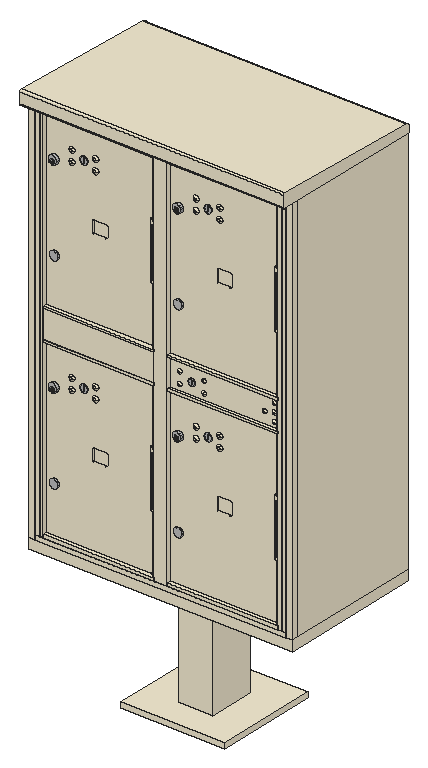
Revit family "Mailboxes_Outdoor_Parcel_Locker-Salsbury_Industries-Type_I_II", category Specialty Equipment, Revit 2016
Family settings
  Part Type = Normal
  Round Connector Dimension = Use Diameter
  OmniClass Number = 23.40.90.14.11
  OmniClass Title = Mail Boxes
  Work Plane-Based = Yes
  Always vertical = Yes
  Cut with Voids When Loaded = No
  Shared = No
  Room Calculation Point = No
Parameters (values of type "3304")
  Width = 30.510"
  Visible Door Number [instance] = yes
  Visible Dividers = yes
  Version = "3.0 (02/28/19)"
  URL = "www.mailboxes.com"
  Type Comments = "Outdoor Parcel Locker (OPL) - Includes Pedestal"
  Pedestal Height = 14.500"
  Visible Parcel Lock [instance] = yes
  OmniClass 23 Title = "Mail Boxes"
  OmniClass 23 Number = "23.40.90.14.11"
  Model = "3304"
  MasterFormat Title = "Postal Specialties"
  MasterFormat Number = "10 55 26"
  Manufacturer = "Salsbury Industries"
  Mail Door-High = 3300 Series CBU Mail Access Door : Mail Access Door
  Lock Material = Stainless Steel - Salsbury Finish -  Polished
  Height = 62.045"
  External Panel Material [instance] = Paint - Salsbury Finish - Sandstone
  Door Slot R2 = 3300 Series OPL Parcel Configurations : OPL Parcel Door
  Door Slot R1 = 3300 Series OPL Parcel Configurations : OPL Parcel Door
  Door Slot R2 Number [instance] = "4P"
  Door Slot R1 Number [instance] = "3P"
  Door Slot L2 = 3300 Series OPL Parcel Configurations : OPL Parcel Door
  Door Slot L1 = 3300 Series OPL Parcel Configurations : OPL Parcel Door
  Door Slot L2 Number [instance] = "2P"
  Door Slot L1 Number [instance] = "1P"
  Description = "4 Parcel Lockers - Type II - USPS Access"
  Depth = 17.970"
  Default Elevation [instance] = 0.000"
  Center Gap Offset = 12.885"
  Box Height = 48.025"
  Assembly Description = "Other Commercial Equipment"
  Assembly Code = "E1010900"
Reference planes (in)
  plane 1 "Center (Front/Back)": y = 0
  plane 2: z = 0
  plane 3 "Center (Left/Right)": x = 0
  plane 4 "Pedestal Base": z = 0
  plane 5 "Top of Unit": z = 62.045
  plane 6 "Bottom of Unit": z = 14.02
  plane 7 "Left Side of Unit": x = -15.255
  plane 8 "Right Side of Unit": x = 15.255
  plane 9 "Front of Unit": y = -8.985
  plane 10 "Back of Unit": y = 8.985
  plane 11 "Top of Pedestal Base Plate": z = 0.56
  plane 12 "Bottom of Pedestal Top Plate": z = 14
  plane 13 "Top of Pedestal Top Plate": z = 14.5
  plane 14 "Back of Pedestal Bottom Plate": y = 6
  plane 15 "Front of Pedestal Bottom Plate": y = -6
  plane 16 "Right Side of Pedestal Bottom Plate": x = 6
  plane 17 "Left Side of Pedestal Bottom Plate": x = -6
  plane 18 "Bottom Plate-Back Hole Align": y = 2
  plane 19 "Bottom Plate-Right Hole Align": x = 5
  plane 20 "Bottom Plate-Left Hole Align": x = -5
  plane 21 "Bottom Plate-Front Hole Align": y = -2
  plane 22 "Top Plate-Back Align": y = 3
  plane 23 "Top Plate-Front Align": y = -3
  plane 24 "Front Face of Unit": y = -7.792
  plane 25 "Right Side of Pedestal": x = 2
  plane 26 "Left Side of Pedestal": x = -2
  plane 27 "Back of Pedestal": y = 2.703
  plane 28 "Front of Pedestal": y = -2.703
  plane 29 "Top of Back Slope": z = 61.445
  plane 30 "Bottom of Top Cap": z = 60.441
  plane 31 "Back of Mail Unit": y = 8.886
  plane 32 "Back Align of Trim": y = -7.1878
  plane 33 "Bottom Trim-Bottom Edge": z = 15.24
  plane 34 "Bottom Door Frame-Bottom Edge": z = 15.74
  plane 35 "Bottom Door Align": z = 16.115
  plane 36 "Top Trim-Bottom Edge": z = 59.99
  plane 37 "Top Door Frame-Bottom Edge": z = 59.615
  plane 38 "Gap-Bottom Edge": z = 39.74
  plane 39 "Door Row 5-Top Edge": z = 39.49
  plane 40 "Door Row 5-Bottom Edge": z = 36.24
  plane 41 "Door Row 6-Top Edge": z = 35.99
  plane 42: x = -0.732
  plane 43: x = 0.732
  plane 44 "Left Trim Edge": x = -14.471
  plane 45: x = 14.471
  plane 46 "Left Hinge Edge": x = -13.993
  plane 47 "Left Door Frame Edge": x = -13.617
  plane 48 "Right Hinge Edge": x = 13.993
  plane 49 "Right Door Frame Edge": x = 13.617
  plane 50: y = -7.7295
  plane 51 "Top of Pedestal Cover": z = 13.79
  plane 52: y = 8.761
  plane 53: x = -15.13
  plane 54: x = 15.13
  plane 55: x = 15.13
  plane 56: x = -15.13
  plane 57: z = 0
Forms (in)
  Extrusion 1, solid, material "Paint - Salsbury Finish - Sandstone" <- "External Panel Material"
    sketch origin (0, 0, 0) x (0, -1, 0) y (1, 0, 0)
      loop
        line (-6, -6) -> (6, -6) -> (6, 6) -> (-6, 6) -> (-6, -6)
    from 0 to 0.56
  Extrusion 2, solid, material "Paint - Salsbury Finish - Sandstone" <- "External Panel Material"
    sketch origin (0, 0, 0.56) x (0, -1, 0) y (1, 0, 0)
      loop
        line (-2.703, -2) -> (2.703, -2) -> (2.703, 2) -> (-2.703, 2) -> (-2.703, -2)
    from 0 to 13.44
  Extrusion 3, solid, material "Paint - Salsbury Finish - Sandstone" <- "External Panel Material"
    sketch origin (0, 0, 14) x (0, -1, 0) y (1, 0, 0)
      loop
        line (-3, -6) -> (3, -6) -> (3, 6) -> (-3, 6) -> (-3, -6)
    from 0 to 0.5
  Sweep 4, solid, material "Paint - Salsbury Finish - Sandstone" <- "External Panel Material"
    path origin (0, 0, 14.02) x (0, -1, 0) y (1, 0, 0)
      loop
        line (-8.886, -15.255) -> (7.792, -15.255) -> (7.792, 15.255) -> (-8.886, 15.255) -> (-8.886, -15.255)
    profile origin (0, 8.886, 14.02) x (0, 1, 0) y (0, 0, 1)
      loop
        line (0, 0) -> (0, 1.22) -> (-0.125, 1.22) -> (-0.125, 0) -> (0, 0)
  Extrusion 5, solid, material "Paint - Salsbury Finish - Sandstone" <- "External Panel Material"
    sketch origin (0, 0, 14.02) x (0, -1, 0) y (1, 0, 0)
      loop
        line (-8.761, -15.13) -> (7.7295, -15.13) -> (7.7295, 15.13) -> (-8.761, 15.13) -> (-8.761, -15.13)
    from 0.48 to 1.22
  Extrusion 6, solid, material "Paint - Salsbury Finish - Sandstone" <- "External Panel Material"
    sketch origin (0, 8.886, -12) x (0, 0, -1) y (1, 0, 0)
      loop
        line (-72.441, -15.13) -> (-27.24, -15.13) -> (-27.24, 15.13) -> (-72.441, 15.13) -> (-72.441, -15.13)
    from 0 to 0.125
  Extrusion 7, solid, material "Paint - Salsbury Finish - Sandstone" <- "External Panel Material"
    sketch origin (-15.255, 0, 0) x (0, 0, -1) y (0, -1, 0)
      loop
        line (-60.441, -8.886) -> (-15.24, -8.886) -> (-15.24, 7.1878) -> (-60.441, 7.1878) -> (-60.441, -8.886)
    from -0.125 to 0
  Extrusion 8, solid, material "Paint - Salsbury Finish - Sandstone" <- "External Panel Material"
    sketch origin (0, -7.792, -12) x (0, 0, -1) y (1, 0, 0)
      loop
        line (-72.441, -15.255) -> (-27.24, -15.255) -> (-27.24, -14.471) -> (-72.441, -14.471) -> (-72.441, -15.255)
    from -0.6042 to 0
  Extrusion 9, solid, material "Paint - Salsbury Finish - Sandstone" <- "External Panel Material"
    sketch origin (0, -7.792, -12) x (0, 0, -1) y (1, 0, 0)
      loop
        line (-72.441, 14.471) -> (-27.24, 14.471) -> (-27.24, 15.255) -> (-72.441, 15.255) -> (-72.441, 14.471)
    from -0.6042 to 0
  Extrusion 10, solid, material "Paint - Salsbury Finish - Sandstone" <- "External Panel Material"
    sketch origin (0, -7.792, -12) x (0, 0, -1) y (1, 0, 0)
      loop
        line (-72.441, -14.471) -> (-71.99, -14.471) -> (-71.99, 14.471) -> (-72.441, 14.471) -> (-72.441, -14.471)
    from -0.6042 to 0
  Extrusion 11, solid, material "Paint - Salsbury Finish - Sandstone" <- "External Panel Material"
    sketch origin (0, -7.792, -56.75) x (0, 0, -1) y (1, 0, 0)
      loop
        line (-72.49, -14.471) -> (-71.99, -14.471) -> (-71.99, 14.471) -> (-72.49, 14.471) -> (-72.49, -14.471)
    from -0.6042 to 0
  Extrusion 12, solid, material "Paint - Salsbury Finish - Sandstone" <- "External Panel Material"
    sketch origin (0, -7.792, -12) x (0, 0, -1) y (1, 0, 0)
      loop
        line (-71.99, -14.471) -> (-27.74, -14.471) -> (-27.74, -13.993) -> (-71.99, -13.993) -> (-71.99, -14.471)
    from -0.6042 to 0
  Extrusion 13, solid, material "Paint - Salsbury Finish - Sandstone" <- "External Panel Material"
    sketch origin (0, -7.792, -12) x (0, 0, -1) y (1, 0, 0)
      loop
        line (-71.99, 13.993) -> (-27.74, 13.993) -> (-27.74, 14.471) -> (-71.99, 14.471) -> (-71.99, 13.993)
    from -0.6042 to 0
  Extrusion 14, solid, material "Paint - Salsbury Finish - Sandstone" <- "External Panel Material"
    sketch origin (0, -7.792, -12) x (0, 0, -1) y (1, 0, 0)
      loop
        line (-71.99, -13.993) -> (-27.74, -13.993) -> (-27.74, -13.617) -> (-71.99, -13.617) -> (-71.99, -13.993)
    from -0.6042 to 0
  Extrusion 15, solid, material "Paint - Salsbury Finish - Sandstone" <- "External Panel Material"
    sketch origin (0, -7.792, -12) x (0, 0, -1) y (1, 0, 0)
      loop
        line (-71.99, 13.617) -> (-27.74, 13.617) -> (-27.74, 13.993) -> (-71.99, 13.993) -> (-71.99, 13.617)
    from -0.6042 to 0
  Extrusion 16, solid, material "Paint - Salsbury Finish - Sandstone" <- "External Panel Material", visible <- "Visible Dividers"
    sketch origin (0, -7.792, -12) x (0, 0, -1) y (1, 0, 0)
      loop
        line (-71.99, -0.732) -> (-27.74, -0.732) -> (-27.74, 0.732) -> (-71.99, 0.732) -> (-71.99, -0.732)
    from -0.6042 to 0
  Extrusion 17, solid, material "Paint - Salsbury Finish - Sandstone" <- "External Panel Material"
    sketch origin (15.255, 0, 0) x (0, 0, -1) y (0, -1, 0)
      loop
        line (-60.441, -8.985) -> (-60.441, 8.84827)
        arc (-60.441, 8.84827) -> (-60.47996, 8.94485) -> (-60.57605, 8.985) r 0.13506
        line (-60.57605, 8.985) -> (-61.89071, 8.985)
        arc (-61.89071, 8.985) -> (-62.00172, 8.9379) -> (-62.045, 8.82535) r 0.15438
        line (-62.045, 8.82535) -> (-61.44465, -8.75558)
        arc (-61.44465, -8.75558) -> (-61.38861, -8.91669) -> (-61.2323, -8.985) r 0.21298
        line (-61.2323, -8.985) -> (-60.441, -8.985)
    from 0 to 30.51
  Extrusion 18, solid, material "Paint - Salsbury Finish - Sandstone" <- "External Panel Material", visible <- "Visible Dividers"
    sketch origin (0, -7.792, -12.625) x (0, 0, -1) y (1, 0, 0)
      loop
        line (-52.115, -13.617) -> (-48.865, -13.617) -> (-48.865, -0.732) -> (-52.115, -0.732) -> (-52.115, -13.617)
    from -0.6042 to -0.0625
  Extrusion 19, solid, material "Paint - Salsbury Finish - Sandstone" <- "External Panel Material", visible <- "Visible Dividers"
    sketch origin (0, -7.792, -12.625) x (0, 0, -1) y (1, 0, 0)
      loop
        line (-52.365, -13.617) -> (-52.115, -13.617) -> (-52.115, -0.732) -> (-52.365, -0.732) -> (-52.365, -13.617)
    from -0.6042 to 0
  Extrusion 20, solid, material "Paint - Salsbury Finish - Sandstone" <- "External Panel Material", visible <- "Visible Dividers"
    sketch origin (0, -7.792, -12) x (0, 0, -1) y (1, 0, 0)
      loop
        line (-48.24, -13.617) -> (-47.99, -13.617) -> (-47.99, -0.732) -> (-48.24, -0.732) -> (-48.24, -13.617)
    from -0.6042 to 0
  Extrusion 21, solid, material "Paint - Salsbury Finish - Sandstone" <- "External Panel Material"
    sketch origin (14.348, -7.792, -12) x (0, 0, -1) y (1, 0, 0)
      loop
        line (-71.99, -13.616) -> (-71.615, -13.616) -> (-71.615, -0.731) -> (-71.99, -0.731) -> (-71.99, -13.616)
    from -0.6042 to 0
  Extrusion 22, solid, material "Paint - Salsbury Finish - Sandstone" <- "External Panel Material", visible <- "Visible Dividers"
    sketch origin (0, -7.792, -55.875) x (0, 0, -1) y (1, 0, 0)
      loop
        line (-71.99, -13.617) -> (-71.615, -13.617) -> (-71.615, -0.732) -> (-71.99, -0.732) -> (-71.99, -13.617)
    from -0.6042 to 0
  Extrusion 23, solid, material "Paint - Salsbury Finish - Sandstone" <- "External Panel Material"
    sketch origin (14.348, -7.792, -55.875) x (0, 0, -1) y (1, 0, 0)
      loop
        line (-71.99, -13.616) -> (-71.615, -13.616) -> (-71.615, -0.731) -> (-71.99, -0.731) -> (-71.99, -13.616)
    from -0.6042 to 0
  Extrusion 24, solid, material "Paint - Salsbury Finish - Sandstone" <- "External Panel Material", visible <- "Visible Dividers"
    sketch origin (0, -7.792, -12) x (0, 0, -1) y (1, 0, 0)
      loop
        line (-71.99, -13.617) -> (-71.615, -13.617) -> (-71.615, -0.732) -> (-71.99, -0.732) -> (-71.99, -13.617)
    from -0.6042 to 0
  Extrusion 25, solid, material "Paint - Salsbury Finish - Sandstone" <- "External Panel Material"
    sketch origin (15.255, 0, 0) x (0, 0, -1) y (0, -1, 0)
      loop
        line (-60.441, -8.886) -> (-15.24, -8.886) -> (-15.24, 7.1878) -> (-60.441, 7.1878) -> (-60.441, -8.886)
    from 0.125 to 0
  Extrusion 26, solid, material "Paint - Salsbury Finish - Sandstone" <- "External Panel Material"
    sketch origin (14.349, -7.792, -12.625) x (0, 0, -1) y (1, 0, 0)
      loop
        line (-52.365, -13.617) -> (-52.115, -13.617) -> (-52.115, -0.732) -> (-52.365, -0.732) -> (-52.365, -13.617)
    from -0.6042 to 0
  Extrusion 27, solid, material "Paint - Salsbury Finish - Sandstone" <- "External Panel Material"
    sketch origin (14.349, -7.792, -12) x (0, 0, -1) y (1, 0, 0)
      loop
        line (-48.24, -13.617) -> (-47.99, -13.617) -> (-47.99, -0.732) -> (-48.24, -0.732) -> (-48.24, -13.617)
    from -0.6042 to 0
Lines and regions (in)
  symbolic lines
    curve 1: line (-15.255, 8.985, 14.02) -> (15.255, 8.985, 14.02)
    curve 2: line (-15.255, -8.985, 14.02) -> (-15.255, 8.985, 14.02)
    curve 3: line (15.255, -8.985, 14.02) -> (-15.255, -8.985, 14.02)
    curve 4: line (15.255, 8.985, 14.02) -> (15.255, -8.985, 14.02)
    curve 5: line (15.255, -7.792, 60.441) -> (15.255, 8.886, 60.441)
    curve 6: line (15.255, -7.792, 14.02) -> (15.255, -7.792, 60.441)
    curve 7: line (15.255, 8.886, 14.02) -> (15.255, -7.792, 14.02)
    curve 8: line (15.255, 8.886, 60.441) -> (15.255, 8.886, 14.02)
    curve 9: line (15.255, 8.886, 60.441) -> (15.255, 8.985, 60.441)
    curve 10: line (15.255, 8.985, 60.441) -> (15.255, 8.985, 61.2323)
    curve 11: arc (15.255, 8.985, 61.2323) -> (15.255, 8.91669, 61.38861) -> (15.255, 8.75558, 61.44465) r 0.21298
    curve 12: line (15.255, 8.75558, 61.44465) -> (15.255, -8.83053, 62.04518)
    curve 13: line (15.255, -7.792, 60.441) -> (15.255, -8.84827, 60.441)
    curve 14: arc (15.255, -8.84827, 60.441) -> (15.255, -8.94495, 60.48105) -> (15.255, -8.985, 60.57773) r 0.13673
    curve 15: line (15.255, -8.985, 60.57773) -> (15.255, -8.985, 61.89071)
    curve 16: arc (15.255, -8.985, 61.89071) -> (15.255, -8.93976, 61.99993) -> (15.255, -8.83053, 62.04518) r 0.15447
    curve 17: line (15.255, -6, 0.56) -> (15.255, 6, 0.56)
    curve 18: line (15.255, -6, 0) -> (15.255, -6, 0.56)
    curve 19: line (15.255, 6, 0) -> (15.255, -6, 0)
    curve 20: line (15.255, 6, 0.56) -> (15.255, 6, 0)
    curve 21: line (15.255, -2.703, 0.56) -> (15.255, -2.703, 14)
    curve 22: line (15.255, 2.703, 0.56) -> (15.255, 2.703, 14)
    curve 23: line (15.255, 3, 14) -> (15.255, -3, 14)
    curve 24: line (15.255, -3, 14) -> (15.255, -3, 14.02)
    curve 25: line (15.255, 3, 14) -> (15.255, 3, 14.02)
    curve 26: line (-15.255, -7.792, 62.045) -> (15.255, -7.792, 62.045)
    curve 27: line (-15.255, -7.792, 14.02) -> (-15.255, -7.792, 62.045)
    curve 28: line (15.255, -7.792, 14.02) -> (-15.255, -7.792, 14.02)
    curve 29: line (15.255, -7.792, 62.045) -> (15.255, -7.792, 14.02)
    curve 30: line (-15.255, -7.792, 60.441) -> (15.255, -7.792, 60.441)
    curve 31: line (-14.471, -7.792, 60.441) -> (-14.471, -7.792, 15.24)
    curve 32: line (-15.255, -7.792, 15.24) -> (15.255, -7.792, 15.24)
    curve 33: line (14.471, -7.792, 15.24) -> (14.471, -7.792, 60.441)
    curve 34: line (14.471, -7.792, 59.99) -> (-14.471, -7.792, 59.99)
    curve 35: line (-13.993, -7.792, 59.99) -> (-13.993, -7.792, 15.74)
    curve 36: line (-14.471, -7.792, 15.74) -> (14.471, -7.792, 15.74)
    curve 37: line (13.993, -7.792, 15.74) -> (13.993, -7.792, 59.99)
    curve 38: line (-6, -7.792, 0.56) -> (6, -7.792, 0.56)
    curve 39: line (-6, -7.792, 0) -> (-6, -7.792, 0.56)
    curve 40: line (6, -7.792, 0) -> (-6, -7.792, 0)
    curve 41: line (6, -7.792, 0.56) -> (6, -7.792, 0)
    curve 42: line (-2, -7.792, 0.56) -> (-2, -7.792, 14)
    curve 43: line (2, -7.792, 0.56) -> (2, -7.792, 14)
Dimensions and locks (in)
  "Width": plane 7 "Left Side of Unit" to plane 8 "Right Side of Unit"
  equal spacing: plane 7 "Left Side of Unit", plane 3 "Center (Left/Right)", plane 8 "Right Side of Unit"
  "Height": plane 5 "Top of Unit" to plane 4 "Pedestal Base"
  "Box Height": plane 5 "Top of Unit" to plane 6 "Bottom of Unit"
  equal spacing: plane 9 "Front of Unit", plane 1 "Center (Front/Back)", plane 10 "Back of Unit"
  "Depth": plane 9 "Front of Unit" to plane 10 "Back of Unit"
  locked: plane 11 "Top of Pedestal Base Plate" to plane 4 "Pedestal Base" at 0.56
  plane 12 "Bottom of Pedestal Top Plate" to plane 11 "Top of Pedestal Base Plate" = 13.440"
  locked: plane 13 "Top of Pedestal Top Plate" to plane 12 "Bottom of Pedestal Top Plate" at 0.5
  "Pedestal Height": plane 13 "Top of Pedestal Top Plate" to plane 4 "Pedestal Base"
  plane 13 "Top of Pedestal Top Plate" to plane 6 "Bottom of Unit" to plane 12 "Bottom of Pedestal Top Plate" = 0.480", 0.020"
  equal spacing: plane 17 "Left Side of Pedestal Bottom Plate", plane 3 "Center (Left/Right)", plane 16 "Right Side of Pedestal Bottom Plate"
  locked: plane 17 "Left Side of Pedestal Bottom Plate" to plane 16 "Right Side of Pedestal Bottom Plate" at 12
  equal spacing: plane 15 "Front of Pedestal Bottom Plate", plane 1 "Center (Front/Back)", plane 14 "Back of Pedestal Bottom Plate"
  locked: plane 15 "Front of Pedestal Bottom Plate" to plane 14 "Back of Pedestal Bottom Plate" at 12
  locked: plane 17 "Left Side of Pedestal Bottom Plate" to plane 20 "Bottom Plate-Left Hole Align" at 1
  locked: plane 19 "Bottom Plate-Right Hole Align" to plane 16 "Right Side of Pedestal Bottom Plate" at 1
  locked: plane 18 "Bottom Plate-Back Hole Align" to plane 14 "Back of Pedestal Bottom Plate" at 4
  locked: plane 15 "Front of Pedestal Bottom Plate" to plane 21 "Bottom Plate-Front Hole Align" at 4
  equal spacing: plane 23 "Top Plate-Front Align", plane 1 "Center (Front/Back)", plane 22 "Top Plate-Back Align"
  locked: plane 23 "Top Plate-Front Align" to plane 22 "Top Plate-Back Align" at 6
  locked: plane 24 "Front Face of Unit" to plane 10 "Back of Unit" at 16.777
  plane 17 "Left Side of Pedestal Bottom Plate" to plane 26 "Left Side of Pedestal" = 4.000"
  plane 25 "Right Side of Pedestal" to plane 16 "Right Side of Pedestal Bottom Plate" = 4.000"
  plane 27 "Back of Pedestal" to plane 14 "Back of Pedestal Bottom Plate" = 3.297"
  plane 15 "Front of Pedestal Bottom Plate" to plane 28 "Front of Pedestal" = 3.297"
  plane 29 "Top of Back Slope" to plane 5 "Top of Unit" = 0.600"
  plane 30 "Bottom of Top Cap" to plane 5 "Top of Unit" = 1.604"
  plane 31 "Back of Mail Unit" to plane 10 "Back of Unit" = 0.099"
  plane 24 "Front Face of Unit" to plane 32 "Back Align of Trim" = 0.6042"
  plane 35 "Bottom Door Align" to plane 34 "Bottom Door Frame-Bottom Edge" to plane 33 "Bottom Trim-Bottom Edge" to plane 6 "Bottom of Unit" = 0.375" locked, 0.500" locked, 1.220" locked
  plane 5 "Top of Unit" to plane 30 "Bottom of Top Cap" to plane 36 "Top Trim-Bottom Edge" to plane 37 "Top Door Frame-Bottom Edge" to plane 38 "Gap-Bottom Edge" to plane 39 "Door Row 5-Top Edge" to plane 40 "Door Row 5-Bottom Edge" to plane 41 "Door Row 6-Top Edge" = 1.604", 0.451", 0.375", 19.875", 0.250", 3.250", 0.250"
  plane 42 to plane 3 "Center (Left/Right)" = 0.732"
  plane 7 "Left Side of Unit" to plane 44 "Left Trim Edge" to plane 46 "Left Hinge Edge" to plane 47 "Left Door Frame Edge" = 0.784", 0.478", 0.376"
  plane 49 "Right Door Frame Edge" to plane 48 "Right Hinge Edge" to plane 45 to plane 8 "Right Side of Unit" = 0.376", 0.478", 0.784"
  plane 24 "Front Face of Unit" to plane 50 = 0.0625"
  plane 13 "Top of Pedestal Top Plate" to plane 51 "Top of Pedestal Cover" to plane 4 "Pedestal Base" = 0.710", 13.790"
  plane 54 to plane 8 "Right Side of Unit" = 0.125"
  plane 7 "Left Side of Unit" to plane 53 = 0.125"
  plane 55 to plane 8 "Right Side of Unit" = 0.125"
  plane 7 "Left Side of Unit" to plane 56 = 0.125"
  plane 5 "Top of Unit" to plane 30 "Bottom of Top Cap" to plane 36 "Top Trim-Bottom Edge" to plane 37 "Top Door Frame-Bottom Edge" = 1.604", 0.451", 0.375"
  "Center Gap Offset": plane 43 to plane 49 "Right Door Frame Edge"
  nested 2 to Extrusion 21 = 0.000"
  aligned and locked: level to plane 2
  aligned and locked: Extrusion 1 sketch curve to plane 15 "Front of Pedestal Bottom Plate"
  aligned and locked: Extrusion 1 sketch curve to plane 17 "Left Side of Pedestal Bottom Plate"
  aligned and locked: plane 14 "Back of Pedestal Bottom Plate" to Extrusion 1 sketch curve
  aligned and locked: plane 16 "Right Side of Pedestal Bottom Plate" to Extrusion 1 sketch curve
  aligned and locked: Extrusion 1 to plane 11 "Top of Pedestal Base Plate"
  aligned and locked: plane 27 "Back of Pedestal" to Extrusion 2 sketch curve
  aligned and locked: plane 25 "Right Side of Pedestal" to Extrusion 2 sketch curve
  aligned and locked: Extrusion 2 sketch curve to plane 28 "Front of Pedestal"
  aligned and locked: Extrusion 2 sketch curve to plane 26 "Left Side of Pedestal"
  aligned and locked: Extrusion 2 to plane 12 "Bottom of Pedestal Top Plate"
  aligned and locked: plane 16 "Right Side of Pedestal Bottom Plate" to Extrusion 3 sketch curve
  aligned and locked: Extrusion 3 sketch curve to plane 23 "Top Plate-Front Align"
  aligned and locked: plane 22 "Top Plate-Back Align" to Extrusion 3 sketch curve
  aligned and locked: Extrusion 3 to plane 13 "Top of Pedestal Top Plate"
  aligned and locked: Sweep 4 sketch curve to plane 24 "Front Face of Unit"
  aligned and locked: Sweep 4 sketch curve to plane 7 "Left Side of Unit"
  aligned and locked: plane 31 "Back of Mail Unit" to Sweep 4 sketch curve  (x2)
  aligned and locked: plane 8 "Right Side of Unit" to Sweep 4 sketch curve
  aligned and locked: plane 33 "Bottom Trim-Bottom Edge" to Sweep 4 sketch curve
  aligned and locked: Sweep 4 sketch curve to plane 6 "Bottom of Unit"
  aligned and locked: Extrusion 5 to plane 33 "Bottom Trim-Bottom Edge"
  aligned and locked: plane 13 "Top of Pedestal Top Plate" to Extrusion 5
  aligned and locked: Extrusion 5 to plane 13 "Top of Pedestal Top Plate"  (x2)
  aligned and locked: plane 33 "Bottom Trim-Bottom Edge" to Extrusion 5
  aligned and locked: plane 30 "Bottom of Top Cap" to Extrusion 6 sketch curve
  aligned and locked: Extrusion 6 sketch curve to plane 33 "Bottom Trim-Bottom Edge"
  aligned and locked: Extrusion 6 to Extrusion 5
  aligned and locked: Extrusion 7 sketch curve to plane 33 "Bottom Trim-Bottom Edge"
  aligned and locked: Extrusion 7 sketch curve to plane 32 "Back Align of Trim"
  aligned and locked: Extrusion 7 sketch curve to plane 31 "Back of Mail Unit"
  aligned and locked: plane 30 "Bottom of Top Cap" to Extrusion 7 sketch curve
  aligned and locked: plane 7 "Left Side of Unit" to Extrusion 7
  aligned and locked: Extrusion 7 to Extrusion 5
  aligned and locked: Extrusion 8 sketch curve to plane 33 "Bottom Trim-Bottom Edge"
  aligned and locked: Extrusion 8 sketch curve to plane 7 "Left Side of Unit"
  aligned and locked: plane 44 "Left Trim Edge" to Extrusion 8 sketch curve
  aligned and locked: plane 30 "Bottom of Top Cap" to Extrusion 8 sketch curve
  aligned and locked: Extrusion 8 to plane 32 "Back Align of Trim"
  aligned and locked: plane 24 "Front Face of Unit" to Extrusion 8
  aligned and locked: Extrusion 9 sketch curve to plane 33 "Bottom Trim-Bottom Edge"
  aligned and locked: plane 8 "Right Side of Unit" to Extrusion 9 sketch curve
  aligned and locked: Extrusion 9 sketch curve to plane 45
  aligned and locked: plane 30 "Bottom of Top Cap" to Extrusion 9 sketch curve
  aligned and locked: Extrusion 9 to plane 32 "Back Align of Trim"
  aligned and locked: plane 24 "Front Face of Unit" to Extrusion 9
  aligned and locked: Extrusion 10 sketch curve to plane 44 "Left Trim Edge"
  aligned and locked: plane 30 "Bottom of Top Cap" to Extrusion 10 sketch curve
  aligned and locked: Extrusion 10 sketch curve to plane 36 "Top Trim-Bottom Edge"
  aligned and locked: plane 45 to Extrusion 10 sketch curve
  aligned and locked: Extrusion 10 to plane 32 "Back Align of Trim"
  aligned and locked: plane 24 "Front Face of Unit" to Extrusion 10
  aligned and locked: Extrusion 11 to plane 34 "Bottom Door Frame-Bottom Edge"
  aligned and locked: plane 33 "Bottom Trim-Bottom Edge" to Extrusion 11
  aligned and locked: Extrusion 11 to plane 45
  aligned and locked: plane 44 "Left Trim Edge" to Extrusion 11
  aligned and locked: Extrusion 12 sketch curve to Extrusion 10
  aligned and locked: Extrusion 12 sketch curve to plane 34 "Bottom Door Frame-Bottom Edge"
  aligned and locked: plane 46 "Left Hinge Edge" to Extrusion 12 sketch curve
  aligned and locked: plane 36 "Top Trim-Bottom Edge" to Extrusion 12 sketch curve
  aligned and locked: Extrusion 12 to plane 32 "Back Align of Trim"
  aligned and locked: plane 24 "Front Face of Unit" to Extrusion 12
  aligned and locked: Extrusion 13 sketch curve to plane 48 "Right Hinge Edge"
  aligned and locked: Extrusion 13 sketch curve to Extrusion 11  (x2)
  aligned and locked: plane 36 "Top Trim-Bottom Edge" to Extrusion 13 sketch curve
  aligned and locked: Extrusion 13 to plane 32 "Back Align of Trim"
  aligned and locked: plane 24 "Front Face of Unit" to Extrusion 13
  aligned and locked: Extrusion 14 sketch curve to Extrusion 12  (x2)
  aligned and locked: Extrusion 14 sketch curve to plane 34 "Bottom Door Frame-Bottom Edge"
  aligned and locked: plane 47 "Left Door Frame Edge" to Extrusion 14 sketch curve
  aligned and locked: Extrusion 14 to plane 32 "Back Align of Trim"
  aligned and locked: plane 24 "Front Face of Unit" to Extrusion 14
  aligned and locked: plane 36 "Top Trim-Bottom Edge" to Extrusion 15 sketch curve
  aligned and locked: Extrusion 15 sketch curve to plane 49 "Right Door Frame Edge"
  aligned and locked: Extrusion 15 sketch curve to Extrusion 13  (x2)
  aligned and locked: Extrusion 15 to plane 32 "Back Align of Trim"
  aligned and locked: plane 24 "Front Face of Unit" to Extrusion 15
  aligned and locked: plane 36 "Top Trim-Bottom Edge" to Extrusion 16 sketch curve
  aligned and locked: Extrusion 16 sketch curve to plane 42
  aligned and locked: Extrusion 16 sketch curve to plane 34 "Bottom Door Frame-Bottom Edge"
  aligned and locked: plane 43 to Extrusion 16 sketch curve
  aligned and locked: Extrusion 16 to plane 32 "Back Align of Trim"
  aligned and locked: plane 24 "Front Face of Unit" to Extrusion 16
  aligned and locked: Extrusion 17 sketch curve to plane 10 "Back of Unit"
  aligned and locked: plane 9 "Front of Unit" to Extrusion 17 sketch curve
  aligned and locked: plane 7 "Left Side of Unit" to Extrusion 17
  aligned and locked: Extrusion 18 sketch curve to plane 47 "Left Door Frame Edge"
  aligned and locked: plane 42 to Extrusion 18 sketch curve
  aligned and locked: Extrusion 18 to plane 32 "Back Align of Trim"
  aligned and locked: Extrusion 5 to Extrusion 18
  aligned and locked: Extrusion 19 sketch curve to plane 47 "Left Door Frame Edge"
  aligned and locked: Extrusion 19 to plane 32 "Back Align of Trim"
  aligned and locked: plane 24 "Front Face of Unit" to Extrusion 19
  aligned and locked: plane 42 to Extrusion 20 sketch curve
  aligned and locked: Extrusion 22 to plane 32 "Back Align of Trim"
  aligned and locked: Extrusion 23 to plane 32 "Back Align of Trim"
  aligned and locked: Extrusion 21 to plane 32 "Back Align of Trim"
  aligned and locked: nested 3 to plane 32 "Back Align of Trim"
  aligned and locked: plane 47 "Left Door Frame Edge" to nested 3
  aligned and locked: nested 3 to plane 35 "Bottom Door Align"
  aligned and locked: nested 4 to plane 32 "Back Align of Trim"
  aligned and locked: plane 49 "Right Door Frame Edge" to nested 4
  aligned and locked: Extrusion 3 sketch curve to plane 17 "Left Side of Pedestal Bottom Plate"
  aligned and locked: Sweep 4 sketch curve to plane 52
  aligned and locked: plane 52 to Extrusion 5 sketch curve
  aligned and locked: Extrusion 5 sketch curve to plane 50
  aligned and locked: plane 53 to Extrusion 5 sketch curve
  aligned and locked: plane 54 to Extrusion 5 sketch curve
  aligned and locked: plane 56 to Extrusion 7
  aligned and locked: plane 55 to Extrusion 6 sketch curve
  aligned and locked: Extrusion 6 sketch curve to plane 56
  aligned and locked: Extrusion 6 to plane 31 "Back of Mail Unit"
  aligned and locked: Extrusion 17 sketch curve to plane 30 "Bottom of Top Cap"
  aligned and locked: plane 10 "Back of Unit" to Extrusion 17 sketch curve
  aligned and locked: plane 5 "Top of Unit" to Extrusion 17 sketch curve
  aligned and locked: Extrusion 17 to plane 8 "Right Side of Unit"
  aligned and locked: Extrusion 11 sketch curve to plane 33 "Bottom Trim-Bottom Edge"
  aligned and locked: plane 34 "Bottom Door Frame-Bottom Edge" to Extrusion 11 sketch curve
  aligned and locked: Extrusion 11 sketch curve to plane 44 "Left Trim Edge"
  aligned and locked: plane 45 to Extrusion 11 sketch curve
  aligned and locked: Extrusion 11 to plane 32 "Back Align of Trim"
  aligned and locked: plane 24 "Front Face of Unit" to Extrusion 11
  aligned and locked: plane 42 to Extrusion 24 sketch curve
  aligned and locked: Extrusion 24 sketch curve to plane 37 "Top Door Frame-Bottom Edge"
  aligned and locked: plane 36 "Top Trim-Bottom Edge" to Extrusion 24 sketch curve
  aligned and locked: Extrusion 24 sketch curve to plane 47 "Left Door Frame Edge"
  aligned and locked: Extrusion 24 to plane 32 "Back Align of Trim"
  aligned and locked: plane 24 "Front Face of Unit" to Extrusion 24
  aligned and locked: plane 36 "Top Trim-Bottom Edge" to Extrusion 21 sketch curve
  aligned and locked: Extrusion 21 sketch curve to plane 43
  aligned and locked: Extrusion 21 sketch curve to plane 37 "Top Door Frame-Bottom Edge"
  aligned and locked: plane 49 "Right Door Frame Edge" to Extrusion 21 sketch curve
  aligned and locked: plane 24 "Front Face of Unit" to Extrusion 21
  aligned and locked: Extrusion 23 sketch curve to plane 34 "Bottom Door Frame-Bottom Edge"
  aligned and locked: plane 35 "Bottom Door Align" to Extrusion 23 sketch curve
  aligned and locked: Extrusion 23 sketch curve to plane 43
  aligned and locked: plane 49 "Right Door Frame Edge" to Extrusion 23 sketch curve
  aligned and locked: plane 24 "Front Face of Unit" to Extrusion 23
  aligned and locked: Extrusion 22 sketch curve to plane 47 "Left Door Frame Edge"
  aligned and locked: Extrusion 22 sketch curve to plane 34 "Bottom Door Frame-Bottom Edge"
  aligned and locked: plane 35 "Bottom Door Align" to Extrusion 22 sketch curve
  aligned and locked: plane 42 to Extrusion 22 sketch curve
  aligned and locked: plane 24 "Front Face of Unit" to Extrusion 22
  aligned and locked: plane 47 "Left Door Frame Edge" to nested 1
  aligned and locked: plane 49 "Right Door Frame Edge" to nested 2
  aligned and locked: nested 2 to plane 32 "Back Align of Trim"
  aligned and locked: nested 1 to plane 32 "Back Align of Trim"
  aligned and locked: plane 49 "Right Door Frame Edge" to nested 5
  aligned and locked: nested 5 to plane 40 "Door Row 5-Bottom Edge"
  aligned and locked: nested 5 to plane 32 "Back Align of Trim"
  aligned and locked: curve 1 to Extrusion 17
  aligned and locked: curve 2 to Extrusion 17
  aligned and locked: curve 3 to Extrusion 17
  aligned and locked: curve 4 to Extrusion 17
  aligned and locked: curve 5 to Extrusion 8
  aligned and locked: curve 6 to Extrusion 8
  aligned and locked: curve 7 to Sweep 4
  aligned and locked: curve 8 to plane 31 "Back of Mail Unit"
  aligned and locked: curve 5 to curve 9
  aligned and locked: curve 10 to Extrusion 17
  aligned and locked: curve 12 to Extrusion 17
  aligned and locked: Extrusion 17 to curve 15
  aligned and locked: curve 26 to Extrusion 17
  aligned and locked: curve 27 to Extrusion 17
  aligned and locked: curve 28 to Sweep 4
  aligned and locked: curve 29 to Sweep 4
  aligned and locked: curve 30 to Extrusion 17
  aligned and locked: plane 44 "Left Trim Edge" to curve 31
  aligned and locked: curve 32 to Sweep 4
  aligned and locked: curve 33 to Extrusion 9
  aligned and locked: curve 34 to Extrusion 10
  aligned and locked: curve 35 to Extrusion 12
  aligned and locked: curve 36 to Extrusion 11
  aligned and locked: curve 37 to Extrusion 13
  aligned and locked: nested 4 to plane 35 "Bottom Door Align"
  aligned and locked: curve 40 to plane 4 "Pedestal Base"
  aligned and locked: curve 38 to curve 42
  aligned and locked: plane 12 "Bottom of Pedestal Top Plate" to curve 42
  aligned and locked: plane 12 "Bottom of Pedestal Top Plate" to curve 43
  aligned and locked: plane 32 "Back Align of Trim" to Extrusion 25 sketch curve
  aligned and locked: Extrusion 25 sketch curve to plane 30 "Bottom of Top Cap"
  aligned and locked: Extrusion 25 sketch curve to plane 31 "Back of Mail Unit"
  aligned and locked: plane 33 "Bottom Trim-Bottom Edge" to Extrusion 25 sketch curve
  aligned and locked: plane 8 "Right Side of Unit" to Extrusion 25
  aligned and locked: plane 55 to Extrusion 25
  aligned and locked: curve 22 to Extrusion 2
  aligned and locked: plane 41 "Door Row 6-Top Edge" to Extrusion 20
  aligned and locked: Extrusion 20 to plane 40 "Door Row 5-Bottom Edge"
  aligned and locked: plane 40 "Door Row 5-Bottom Edge" to Extrusion 18
  aligned and locked: Extrusion 18 to plane 39 "Door Row 5-Top Edge"
  aligned and locked: plane 39 "Door Row 5-Top Edge" to Extrusion 19
  aligned and locked: Extrusion 19 to plane 38 "Gap-Bottom Edge"
  aligned and locked: nested 1 to plane 38 "Gap-Bottom Edge"
  aligned and locked: nested 2 to plane 38 "Gap-Bottom Edge"
  aligned and locked: Extrusion 27 sketch curve to plane 43
  aligned and locked: plane 40 "Door Row 5-Bottom Edge" to Extrusion 27 sketch curve
  aligned and locked: Extrusion 27 sketch curve to plane 41 "Door Row 6-Top Edge"
  aligned and locked: plane 49 "Right Door Frame Edge" to Extrusion 27 sketch curve
  aligned and locked: Extrusion 27 to plane 32 "Back Align of Trim"
  aligned and locked: plane 24 "Front Face of Unit" to Extrusion 27
  aligned and locked: plane 38 "Gap-Bottom Edge" to Extrusion 26 sketch curve
  aligned and locked: Extrusion 26 sketch curve to plane 39 "Door Row 5-Top Edge"
  aligned and locked: Extrusion 26 sketch curve to plane 43
  aligned and locked: plane 49 "Right Door Frame Edge" to Extrusion 26 sketch curve
  aligned and locked: plane 24 "Front Face of Unit" to Extrusion 26
  aligned and locked: Extrusion 26 to plane 32 "Back Align of Trim"
Automatic sketch dimensions
  plane 5 "Top of Unit" to Extrusion 17 sketch curve = 0.15429"
  plane 29 "Top of Back Slope" to Extrusion 17 sketch curve = 0.00035"
  Extrusion 17 sketch curve to plane 52 = 0.01102"
  plane 29 "Top of Back Slope" to Extrusion 17 sketch curve = 0.2127"
  Extrusion 17 sketch curve to plane 30 "Bottom of Top Cap" = 0.13505"
  Extrusion 17 sketch curve to plane 9 "Front of Unit" = 0.15965"
  Extrusion 17 sketch curve to plane 9 "Front of Unit" = 0.13673"
  Extrusion 18 sketch curve to plane 39 "Door Row 5-Top Edge" = 0.000"
  Extrusion 18 sketch curve to plane 40 "Door Row 5-Bottom Edge" = 0.000"
  Extrusion 19 sketch curve to plane 38 "Gap-Bottom Edge" = 0.000"
  Extrusion 19 sketch curve to plane 39 "Door Row 5-Top Edge" = 0.000"
  plane 42 to Extrusion 19 sketch curve = 0.000"
  Extrusion 20 sketch curve to plane 40 "Door Row 5-Bottom Edge" = 0.000"
  Extrusion 20 sketch curve to plane 41 "Door Row 6-Top Edge" = 0.000"
  plane 47 "Left Door Frame Edge" to Extrusion 20 sketch curve = 0.000"
  plane 12 "Bottom of Pedestal Top Plate" to curve 21 = 0.000"
  plane 11 "Top of Pedestal Base Plate" to curve 21 = 0.000"
  curve 18 to level = 0.000"
  curve 19 to plane 14 "Back of Pedestal Bottom Plate" = 0.000"
  curve 25 to plane 22 "Top Plate-Back Align" = 0.000"
  curve 21 to plane 28 "Front of Pedestal" = 0.000"
  curve 24 to plane 23 "Top Plate-Front Align" = 0.000"
  curve 19 to plane 15 "Front of Pedestal Bottom Plate" = 0.000"
  curve 15 to plane 30 "Bottom of Top Cap" = 0.13673"
  curve 11 to plane 52 = 0.01102"
  plane 29 "Top of Back Slope" to curve 11 = 0.2127"
  plane 5 "Top of Unit" to curve 16 = 0.15429"
  curve 38 to plane 11 "Top of Pedestal Base Plate" = 0.000"
  plane 17 "Left Side of Pedestal Bottom Plate" to curve 39 = 0.000"
  plane 26 "Left Side of Pedestal" to curve 42 = 0.000"
  plane 25 "Right Side of Pedestal" to curve 43 = 0.000"
  plane 16 "Right Side of Pedestal Bottom Plate" to curve 40 = 0.000"
Nested families (in)
  nested 1: "3300 Series OPL Parcel Configurations" at (-7.1795, -7.2448, 39.74), type <- "Door Slot L1", Door Number <- "Door Slot L1 Number", type "OPL Parcel Door"
    with Door Number "1P"
  nested 2: "3300 Series OPL Parcel Configurations" at (7.1795, -7.2448, 39.74), type <- "Door Slot R1", Door Number <- "Door Slot R1 Number", type "OPL Parcel Door"
    with Door Number "3P"
  nested 3: "3300 Series OPL Parcel Configurations" at (-7.1795, -7.2448, 16.115), type <- "Door Slot L2", Door Number <- "Door Slot L2 Number", type "OPL Parcel Door"
    with Door Number "2P"
  nested 4: "3300 Series OPL Parcel Configurations" at (7.1795, -7.2448, 16.115), type <- "Door Slot R2", Door Number <- "Door Slot R2 Number", type "OPL Parcel Door"
    with Door Number "4P"
  nested 5: "3300 Series CBU Mail Access Door" at (7.1745, -7.2733, 36.24), type <- "Mail Door-High", type "Mail Access Door"
    with Door Number "101"
Definition of nested family "3300 Series OPL Parcel Configurations"
  Parameters (values of type "OPL Parcel Door")
    Weight = ""
    Visible Door Number = yes
    Visibility = yes
    URL = ""
    Parcel Lock = yes
    Number Inset = yes
    Model = "3300 OPL Parcel Door"
    Manufacturer = "Salsbury Industries"
    Lock Offset = 4.500"
    Lock Material = none
    Door Width = 12.875"
    Door Number [instance] = "1P"
    Front Panel Material = none
    Door Height = 19.875"
    Door Divider = no
    Door Depth = 0.114"
    Description = "Parcel Door for 3300 Series Outdoor Parcel Locker"
    Cost = 0
    Center Lock-Vertical = 1.000"
    Center Lock-Horizontal = 3.025"
  Types (2): name | Visible Door Number | Visibility | Parcel Lock | Number Inset
    OPL Parcel Door | yes | yes | yes | yes
    Empty | no | no | no | no
  Reference planes (in)
    plane 1 "Center (Front/Back)": y = 0
    plane 2 "Bottom of Door": z = 0
    plane 3 "Center (Left/Right)": x = 0
    plane 4 "Left Side Face of Door": x = -6.4375
    plane 5 "Right Side Face of Door": x = 6.4375
    plane 6 "Back Face of Door": y = 0.057
    plane 7 "Front Face of Door": y = -0.057
    plane 8: z = 19.875
    plane 9 "Horiztonal Center of Door": z = 9.9375
    plane 10 "Front Face of Divider": y = -0.369
    plane 11 "Center Lock Vertical": x = -5.4375
    plane 12 "Face of Lock": y = -0.42383
    plane 13 "Inset Center": x = -0.0975
    plane 14 "Bottom lock align": z = 16.375
    plane 15 "Top Stud Align": z = 17
    plane 16 "Bottom Stud Align": z = 15.75
    plane 17 "Lock Center Align": z = 15.375
    plane 18: z = 15.23028
    plane 19: z = 15.0833
    plane 20 "PL6 Lock Offset Align": z = 0
    plane 21: y = -0.18295
    plane 22: z = 10.6875
    plane 23: z = 9.1875
    plane 24: z = 10.3125
    plane 25: z = 9.5625
    plane 26: x = -3.4375
    plane 27: x = -0.6875
    plane 28 "Center of Mail Access Lock": x = -2.0625
    plane 29: z = 5.375
    plane 30: x = 5.8125
    plane 31: z = 13.25
    plane 32: z = 6.75
  Forms (in)
    Extrusion 1, solid, material <- "Front Panel Material", visible <- "Visibility"
      sketch origin (0, 0, 0) x (1, 0, 0) y (0, 1, 0)
        loop
          line (-6.4375, 0.057) -> (-6.4375, -0.057) -> (5.82529, -0.057)
          arc (5.82529, -0.057) -> (5.92459, -0.0858) -> (5.99308, -0.16325) r 0.18561
          arc (5.99308, -0.16325) -> (6.08167, -0.30916) -> (6.2425, -0.36636) r 0.2547
          arc (6.2425, -0.36636) -> (6.3817, -0.29375) -> (6.4375, -0.147) r 0.22088
          line (6.4375, -0.147) -> (6.4375, 0.057) -> (-6.4375, 0.057)
      from 0 to 19.875
    Blend 2, solid, material <- "Lock Material", visible <- "Visibility"
      base sketch origin (0, -0.057, 0) x (-1, 0, 0) y (0, 0, 1)
        loop
          circle (5.4375, 15.375) r 0.5
      top sketch origin (0, -0.057, 0) x (-1, 0, 0) y (0, 0, 1)
        loop
          circle (5.4375, 15.375) r 0.485
      from 0 to -0.29688
    Extrusion 3, void
      sketch origin (1.55773, -0.35387, 11.93273) x (0, 0, 1) y (-1, 0, 0)
        loop
          circle (3.32227, 6.99523) r 0.285
      from 0 to -0.01562
    Extrusion 4, void
      sketch origin (0, -0.35387, 0) x (1, 0, 0) y (0, 0, 1)
        loop
          line (-5.46683, 15.375) -> (-5.46683, 15.0833) -> (-5.40683, 15.0833) -> (-5.40683, 15.375) -> (-5.46683, 15.375)
      from 0 to -0.03906
    Extrusion 5, void, detail levels medium+fine
      sketch origin (0, -0.057, 0) x (-1, 0, 0) y (0, 0, 1)
        loop
          line (0.8475, 10.6875) -> (-0.6525, 10.6875)
          arc (-0.6525, 10.6875) -> (-0.74089, 10.65089) -> (-0.7775, 10.5625) r 0.125
          line (-0.7775, 10.5625) -> (-0.7775, 9.3125)
          arc (-0.7775, 9.3125) -> (-0.74089, 9.22411) -> (-0.6525, 9.1875) r 0.125
          line (-0.6525, 9.1875) -> (0.8475, 9.1875)
          arc (0.8475, 9.1875) -> (0.93589, 9.22411) -> (0.9725, 9.3125) r 0.125
          line (0.9725, 9.3125) -> (0.9725, 10.5625)
          arc (0.9725, 10.5625) -> (0.93589, 10.65089) -> (0.8475, 10.6875) r 0.125
      from 0 to 0.03906
    Extrusion 6, void
      sketch origin (2.5, -0.057, 0) x (-1, 0, 0) y (0, 0, 1)
        loop
          circle (4.5625, 16.375) r 0.4375
      from 0 to 0.25391
    Extrusion 7, solid, material <- "Lock Material", visible <- "Parcel Lock"
      sketch origin (2.5, 0.057, 0) x (-1, 0, 0) y (0, 0, 1)
        loop
          circle (4.5625, 16.375) r 0.42913
      from 0 to -0.114
    Extrusion 8, void
      sketch origin (3.375, 0.057, 0) x (-1, 0, 0) y (0, 0, 1)
        loop
          line (5.4668, 16.68459) -> (5.4082, 16.68459) -> (5.4082, 16.06541) -> (5.4668, 16.06541) -> (5.4668, 16.68459)
      from -0.057 to -0.114
    Blend 9, solid, material <- "Front Panel Material", visible <- "Visibility", detail levels medium+fine
      base sketch origin (1.875, -0.12695, 9.15977) x (-1, 0, 0) y (0, 0, 1)
        loop
          circle (5.3125, 6.59023) r 0.15665
      top sketch origin (1.875, -0.12695, 9.15977) x (-1, 0, 0) y (0, 0, 1)
        loop
          circle (5.3125, 6.59023) r 0.3125
      from -0.056 to 0.06995
    Blend 10, solid, material <- "Front Panel Material", visible <- "Visibility", detail levels medium+fine
      base sketch origin (4.4375, -0.12695, 7.40977) x (-1, 0, 0) y (0, 0, 1)
        loop
          circle (5.125, 8.34023) r 0.15665
      top sketch origin (4.4375, -0.12695, 7.40977) x (-1, 0, 0) y (0, 0, 1)
        loop
          circle (5.125, 8.34023) r 0.3125
      from -0.056 to 0.06995
    Blend 11, solid, material <- "Front Panel Material", visible <- "Visibility", detail levels medium+fine
      base sketch origin (1.875, -0.12695, 13.90977) x (-1, 0, 0) y (0, 0, 1)
        loop
          circle (5.3125, 3.09023) r 0.15665
      top sketch origin (1.875, -0.12695, 13.90977) x (-1, 0, 0) y (0, 0, 1)
        loop
          circle (5.3125, 3.09023) r 0.3125
      from -0.056 to 0.06995
    Blend 12, solid, material <- "Front Panel Material", visible <- "Visibility", detail levels medium+fine
      base sketch origin (4.4375, -0.12695, 12.15977) x (-1, 0, 0) y (0, 0, 1)
        loop
          circle (5.125, 4.84023) r 0.15665
      top sketch origin (4.4375, -0.12695, 12.15977) x (-1, 0, 0) y (0, 0, 1)
        loop
          circle (5.125, 4.84023) r 0.3125
      from -0.056 to 0.06995
    Extrusion 13, solid, material <- "Lock Material", visible <- "Visibility"
      sketch origin (0, -0.057, 0) x (-1, 0, 0) y (0, 0, 1)
        loop
          circle (5.4375, 5.375) r 0.5
      from -0.12595 to 0
    Extrusion 14, solid, material <- "Front Panel Material", visible <- "Visibility"
      sketch origin (0, 0, 9.9375) x (-1, 0, 0) y (0, -1, 0)
        loop
          arc (-6.4375, 0.14706) -> (-6.37301, 0.30348) -> (-6.21702, 0.36899) r 0.22193
          arc (-6.21702, 0.36899) -> (-5.99651, 0.27756) -> (-5.90518, 0.057) r 0.31199
          line (-5.90518, 0.057) -> (-5.8125, 0.057)
          arc (-5.8125, 0.057) -> (-6.02768, 0.40796) -> (-6.4375, 0.369) r 0.38888
          line (-6.4375, 0.369) -> (-6.4375, 0.14706)
      from -3.1875 to 3.3125
  Cuts and joins
    Extrusion 3, Extrusion 4 cuts Blend 2
    Extrusion 5, Extrusion 6 cuts Extrusion 1
    Extrusion 8 cuts Extrusion 7
  Lines and regions (in)
    symbolic lines
      curve 1: line (-6.4375, -0.057, 0) -> (-6.4375, -0.057, 19.875)
      curve 2: line (6.4375, -0.057, 0) -> (-6.4375, -0.057, 0)
      curve 3: line (6.4375, -0.057, 19.875) -> (6.4375, -0.057, 0)
      curve 4: line (-6.4375, -0.057, 19.875) -> (6.4375, -0.057, 19.875)
      curve 5: line (5.99308, -0.057, 0) -> (5.99308, -0.057, 19.875)
      curve 6: line (6.2425, -0.057, 0) -> (6.2425, -0.057, 19.875)
      curve 7: circle (-5.43683, -0.057, 15.375) r 0.50041 normal (0, 1, 0)
      curve 8: circle (-2.0625, -0.057, 16.375) r 0.42913 normal (0, 1, 0)
      curve 9: circle (-3.4375, -0.057, 17) r 0.3125 normal (0, 1, 0)
      curve 10: circle (-0.6875, -0.057, 17) r 0.3125 normal (0, 1, 0)
      curve 11: circle (-0.6875, -0.057, 15.75) r 0.3125 normal (0, 1, 0)
      curve 12: circle (-3.4375, -0.057, 15.75) r 0.3125 normal (0, 1, 0)
      curve 13: circle (-5.4375, -0.057, 5.375) r 0.5 normal (0, 1, 0)
      curve 14: line (5.8125, -0.057, 13.25) -> (5.8125, -0.057, 6.75)
      curve 15: line (6.4375, -0.057, 13.25) -> (5.8125, -0.057, 13.25)
      curve 16: line (6.4375, -0.057, 6.75) -> (5.8125, -0.057, 6.75)
  Dimensions and locks (in)
    equal spacing: plane 6 "Back Face of Door", plane 1 "Center (Front/Back)", plane 7 "Front Face of Door"
    "Door Depth": plane 6 "Back Face of Door" to plane 7 "Front Face of Door"
    equal spacing: plane 4 "Left Side Face of Door", plane 3 "Center (Left/Right)", plane 5 "Right Side Face of Door"
    "Door Width": plane 4 "Left Side Face of Door" to plane 5 "Right Side Face of Door"
    equal spacing: plane 8, plane 9 "Horiztonal Center of Door", level
    plane 7 "Front Face of Door" to plane 10 "Front Face of Divider" = 0.312"
    "Center Lock-Vertical": plane 4 "Left Side Face of Door" to plane 11 "Center Lock Vertical"
    plane 6 "Back Face of Door" to plane 10 "Front Face of Divider" = 0.426"
    plane 4 "Left Side Face of Door" to plane 5 "Right Side Face of Door" = 12.875"
    plane 17 "Lock Center Align" to plane 18 to plane 19 = 0.14472" locked, 0.14698" locked
    "Door Height": plane 8 to plane 2 "Bottom of Door"
    plane 22 to plane 9 "Horiztonal Center of Door" to plane 23 = 0.750" locked, 0.750" locked
    plane 24 to plane 9 "Horiztonal Center of Door" to plane 25 = 0.375", 0.375"
    "Lock Offset": plane 8 to plane 17 "Lock Center Align"
    locked: plane 4 "Left Side Face of Door" to plane 28 "Center of Mail Access Lock" at 4.375
    plane 15 "Top Stud Align" to plane 14 "Bottom lock align" to plane 16 "Bottom Stud Align" = 0.625" locked, 0.625" locked
    plane 27 to plane 28 "Center of Mail Access Lock" to plane 26 = 1.375", 1.375"
    plane 4 "Left Side Face of Door" to plane 11 "Center Lock Vertical" = 1.000"
    locked: plane 8 to plane 14 "Bottom lock align" at 3.5
    plane 29 to plane 2 "Bottom of Door" = 5.375"
    locked: plane 30 to plane 5 "Right Side Face of Door" at 0.625
    locked: plane 31 to plane 32 at 6.5
    plane 8 to plane 31 = 6.625"
    plane 32 to plane 2 "Bottom of Door" = 6.750"
    aligned and locked: level to plane 2 "Bottom of Door"
    aligned and locked: plane 4 "Left Side Face of Door" to Extrusion 1
    aligned and locked: plane 6 "Back Face of Door" to Extrusion 1
    aligned and locked: plane 7 "Front Face of Door" to Extrusion 1
    aligned and locked: Extrusion 1 to level
    aligned and locked: plane 8 to Extrusion 1
    aligned and locked: Blend 9 to cut or joined group of Extrusion 1, Extrusion 5, Extrusion 6
    aligned and locked: Blend 10 to cut or joined group of Extrusion 1, Extrusion 5, Extrusion 6
    aligned and locked: Blend 11 to cut or joined group of Extrusion 1, Extrusion 5, Extrusion 6
    aligned and locked: Blend 12 to cut or joined group of Extrusion 1, Extrusion 5, Extrusion 6
    aligned and locked: plane 15 "Top Stud Align" to Blend 11
    aligned and locked: plane 15 "Top Stud Align" to Blend 12
    aligned and locked: plane 16 "Bottom Stud Align" to Blend 9
    aligned and locked: plane 16 "Bottom Stud Align" to Blend 10
    aligned and locked: cut or joined group of Blend 2, Extrusion 3, Extrusion 4 to plane 19
    aligned and locked: plane 17 "Lock Center Align" to cut or joined group of Blend 2, Extrusion 3, Extrusion 4
    aligned and locked: cut or joined group of Extrusion 1, Extrusion 5, Extrusion 6 to plane 20 "PL6 Lock Offset Align"
    aligned and locked: Extrusion 7 to plane 7 "Front Face of Door"
    aligned and locked: plane 22 to cut or joined group of Extrusion 1, Extrusion 5, Extrusion 6
    aligned and locked: plane 23 to cut or joined group of Extrusion 1, Extrusion 5, Extrusion 6
    aligned and locked: Extrusion 5 sketch curve to plane 22
    aligned and locked: plane 23 to Extrusion 5 sketch curve
    aligned and locked: plane 25 to text3d elem
    aligned and locked: plane 24 to text3d elem
    aligned and locked: curve 2 to cut or joined group of Extrusion 1, Extrusion 5, Extrusion 6
    aligned and locked: curve 3 to cut or joined group of Extrusion 1, Extrusion 5, Extrusion 6
    aligned and locked: curve 5 to cut or joined group of Extrusion 1, Extrusion 5, Extrusion 6
    aligned and locked: curve 6 to cut or joined group of Extrusion 1, Extrusion 5, Extrusion 6
    aligned and locked: plane 8 to curve 3
    aligned and locked: plane 8 to curve 1
    aligned and locked: plane 28 "Center of Mail Access Lock" to Extrusion 7 sketch curve
    aligned and locked: plane 28 "Center of Mail Access Lock" to Extrusion 6 sketch curve
    aligned and locked: plane 27 to Blend 12 sketch curve  (x2)
    aligned and locked: plane 15 "Top Stud Align" to Blend 12 sketch curve  (x2)
    aligned and locked: plane 16 "Bottom Stud Align" to Blend 10 sketch curve  (x2)
    aligned and locked: plane 27 to Blend 10 sketch curve  (x2)
    aligned and locked: plane 15 "Top Stud Align" to Blend 11 sketch curve  (x2)
    aligned and locked: plane 26 to Blend 11 sketch curve  (x2)
    aligned and locked: plane 16 "Bottom Stud Align" to Blend 9 sketch curve  (x2)
    aligned and locked: plane 26 to Blend 9 sketch curve  (x2)
    aligned and locked: plane 11 "Center Lock Vertical" to Extrusion 13 sketch curve
    aligned and locked: plane 29 to Extrusion 13 sketch curve
    aligned and locked: Extrusion 13 to plane 21
    aligned and locked: plane 7 "Front Face of Door" to Extrusion 13
    aligned and locked: plane 5 "Right Side Face of Door" to Extrusion 14 sketch curve
    aligned and locked: plane 7 "Front Face of Door" to Extrusion 14 sketch curve
    aligned and locked: plane 30 to Extrusion 14 sketch curve
    aligned and locked: Extrusion 14 to plane 31
    aligned and locked: plane 32 to Extrusion 14
    aligned and locked: plane 31 to curve 14
    aligned and locked: plane 32 to curve 14
    aligned and locked: plane 30 to curve 15
    aligned and locked: curve 15 to plane 31
    aligned and locked: plane 30 to curve 16
    aligned and locked: plane 5 "Right Side Face of Door" to curve 16
    aligned and locked: curve 16 to plane 32
  Automatic sketch dimensions
    Extrusion 6 sketch curve to plane 14 "Bottom lock align" = 0.000"
    Extrusion 7 sketch curve to plane 14 "Bottom lock align" = 0.000"
    Extrusion 8 sketch curve to plane 11 "Center Lock Vertical" = 3.4043"
    Extrusion 8 sketch curve to plane 11 "Center Lock Vertical" = 3.3457"
    Extrusion 8 sketch curve to plane 14 "Bottom lock align" = 0.30959"
    plane 14 "Bottom lock align" to Extrusion 8 sketch curve = 0.30959"
    Extrusion 3 sketch curve to Extrusion 3 sketch curve = 0.000"  (x2)
    plane 11 "Center Lock Vertical" to Extrusion 3 sketch curve = 0.000"
    plane 18 to Extrusion 3 sketch curve = 0.02472"
    Extrusion 3 sketch curve to plane 11 "Center Lock Vertical" = 0.285"
    plane 11 "Center Lock Vertical" to Blend 2 sketch curve = 0.000"  (x2)
    Blend 2 sketch curve to plane 17 "Lock Center Align" = 0.000"  (x2)
    Extrusion 4 sketch curve to plane 19 = 0.000"
    Extrusion 4 sketch curve to plane 17 "Lock Center Align" = 0.000"
    plane 11 "Center Lock Vertical" to Extrusion 4 sketch curve = 0.02933"
    Extrusion 4 sketch curve to plane 11 "Center Lock Vertical" = 0.03067"
    Extrusion 1 sketch curve to plane 4 "Left Side Face of Door" = 0.000"
    Extrusion 1 sketch curve to plane 7 "Front Face of Door" = 0.000"
    Extrusion 1 sketch curve to plane 5 "Right Side Face of Door" = 0.000"
    Extrusion 1 sketch curve to plane 6 "Back Face of Door" = 0.000"
    Extrusion 1 sketch curve to plane 21 = 0.05966"
    plane 5 "Right Side Face of Door" to Extrusion 1 sketch curve = 0.61221"
    plane 21 to Extrusion 1 sketch curve = 0.03596"
    Extrusion 1 sketch curve to Extrusion 1 sketch curve = 0.22088"
    Extrusion 1 sketch curve to Extrusion 1 sketch curve = 0.02588"
    Extrusion 1 sketch curve to Extrusion 1 sketch curve = 0.03534"
    plane 3 "Center (Left/Right)" to Extrusion 5 sketch curve = 0.7775"
    Extrusion 5 sketch curve to Extrusion 5 sketch curve = 0.125"  (x3)
    plane 13 "Inset Center" to Extrusion 5 sketch curve = 0.750"  (x2)
    Extrusion 14 sketch curve to plane 10 "Front Face of Divider" = 0.000"
    plane 21 to Extrusion 14 sketch curve = 0.03589"
    Extrusion 14 sketch curve to Extrusion 14 sketch curve = 0.0016"
    Extrusion 14 sketch curve to plane 7 "Front Face of Door" = 0.00302"
    Extrusion 14 sketch curve to plane 30 = 0.09268"
    plane 10 "Front Face of Divider" to Extrusion 14 sketch curve = 0.00001"
    curve 10 to plane 15 "Top Stud Align" = 0.000"
    curve 10 to plane 27 = 0.000"
    curve 11 to plane 16 "Bottom Stud Align" = 0.000"
    curve 11 to plane 27 = 0.000"
    curve 8 to plane 14 "Bottom lock align" = 0.000"
    curve 8 to plane 28 "Center of Mail Access Lock" = 0.000"
    curve 12 to plane 16 "Bottom Stud Align" = 0.000"
    curve 12 to plane 26 = 0.000"
    curve 9 to plane 15 "Top Stud Align" = 0.000"
    curve 9 to plane 26 = 0.000"
    curve 7 to plane 17 "Lock Center Align" = 0.000"
    plane 11 "Center Lock Vertical" to curve 13 = 0.000"
    plane 4 "Left Side Face of Door" to curve 2 = 0.000"
    curve 13 to plane 29 = 0.000"
    curve 7 to plane 11 "Center Lock Vertical" = 0.00067"
    radius of Extrusion 6 sketch curve = 0.4375"
    radius of Extrusion 7 sketch curve = 0.42913"
    radius of Blend 9 sketch curve = 0.15665"
    radius of Blend 9 sketch curve = 0.3125"
    radius of Blend 10 sketch curve = 0.15665"
    radius of Blend 10 sketch curve = 0.3125"
    radius of Blend 11 sketch curve = 0.15665"
    radius of Blend 11 sketch curve = 0.3125"
    radius of Blend 12 sketch curve = 0.15665"
    radius of Blend 12 sketch curve = 0.3125"
    radius of Blend 2 sketch curve = 0.500"
    radius of Blend 2 sketch curve = 0.485"
    radius of Extrusion 13 sketch curve = 0.500"
    radius of curve 7 = 0.50041"
    radius of curve 8 = 0.42913"
    radius of curve 9 = 0.3125"
    radius of curve 10 = 0.3125"
    radius of curve 11 = 0.3125"
    radius of curve 12 = 0.3125"
    radius of curve 13 = 0.500"
Definition of nested family "3300 Series CBU Mail Access Door"
  Parameters (values of type "Mail Access Door")
    Weight = ""
    URL = ""
    Top Stud Alignment = 2.000"
    Parcel Lock = yes
    Model = "3700OM2"
    Manufacturer = "Salsbury Industries"
    Mail Plate Text Height = 0.34945"
    Lock Material = none
    Front Panel Material = none
    Door Width = 12.885"
    Door Number [instance] = "101"
    Door Height = 5.250"
    Door Depth = 0.171"
    Description = "Mail Access Door for 3700 Series 4C Mailboxes"
    Cost = 0
    Center Lock-Vertical = 2.550"
    Center Lock-Horizontal = 1.927"
  Reference planes (in)
    plane 1 "Center (Front/Back)": y = 0
    plane 2 "Bottom of Door": z = 0
    plane 3 "Center (Left/Right)": x = 0
    plane 4 "Left Side Face of Door": x = -6.4425
    plane 5 "Right Side Face of Door": x = 6.4425
    plane 6 "Back Face of Door": y = 0.0855
    plane 7 "Front Face of Door": y = -0.0855
    plane 8: z = 3.25
    plane 9 "Center": z = 1.625
    plane 10 "Face of Mail Drop": y = -0.3405
    plane 11 "Center Lock Vertical": x = -3.8925
    plane 12 "Center Lock Horizontal": z = 1.323
    plane 13 "Protrusion Start": y = -0.52801
    plane 14 "Divider Height Align": z = 3.251
    plane 15 "Plate Center": x = -0.16063
    plane 16 "Left Stud Align": x = -5.2675
    plane 17 "Right Stud Align": x = -2.4555
    plane 18 "Top Stud Align": z = 1.979
    plane 19 "Bottom Stud Align": z = 0.667
    plane 20 "Left Edge of Mail Slot": x = -5.8585
    plane 21 "Right Edge of Mail Slot": x = 5.8585
    plane 22: y = -0.424
    plane 23 "Hing Alignment": x = 5.6715
    plane 24 "Hinge Stud 1": z = 0.575
    plane 25 "Hinge Stud 3": z = 1.575
    plane 26 "Hinge Stud 4": z = 2.575
    plane 27: x = 4.5245
    plane 28: z = 1.55983
    plane 29: z = 1.07581
    plane 30: z = 1.54976
    plane 31: z = 1.09595
  Forms (in)
    Extrusion 1, solid, material <- "Front Panel Material"
      sketch origin (0, 0, 0) x (1, 0, 0) y (0, 1, 0)
        loop
          line (-6.4425, 0.0855) -> (-6.4425, -0.0855) -> (5.8458, -0.0855)
          arc (5.8458, -0.0855) -> (5.96407, -0.1166) -> (6.05175, -0.20184) r 0.24047
          arc (6.05175, -0.20184) -> (6.13128, -0.29316) -> (6.2475, -0.32718) r 0.21552
          arc (6.2475, -0.32718) -> (6.38241, -0.2966) -> (6.4425, -0.172) r 0.15925
          line (6.4425, -0.172) -> (6.4425, 0.0855) -> (-6.4425, 0.0855)
      from 0 to 3.25
    Extrusion 2, void
      sketch origin (0, -0.0855, 3.098) x (-1, 0, 0) y (0, 0, 1)
        loop
          circle (3.8925, -1.775) r 0.407
      from 0 to 0.25391
    Extrusion 3, solid, material <- "Lock Material", visible <- "Parcel Lock"
      sketch origin (0, 0.0855, 3.09941) x (-1, 0, 0) y (0, 0, 1)
        loop
          circle (3.8925, -1.775) r 0.387
      from 0 to -0.171
